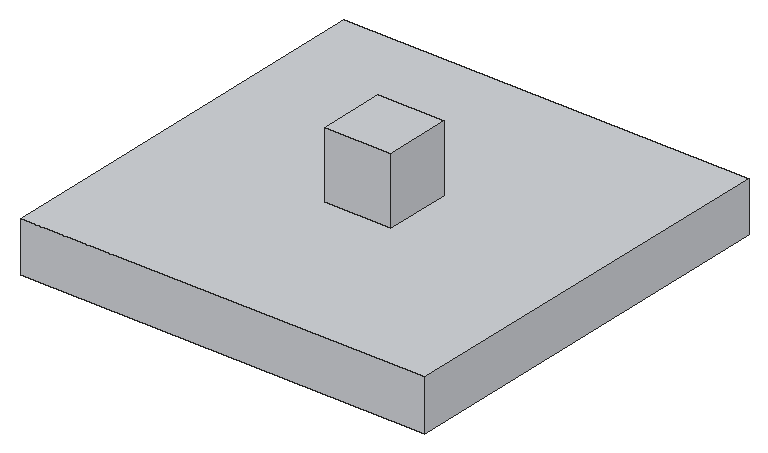
Revit family "盤", category 電気設備, Revit 2020
Family settings
  ホスト = 面
  パネル構成 = 二列表示、回路横
  丸型コネクタ寸法 = 直径を使用
  パーツ タイプ = 分電盤
  ロード時にボイドで切り取り = いいえ
  共有 = いいえ
  部屋計算ポイント = いいえ
Parameters
  長さ3 [instance] = 400 mm
  長さ2 [instance] = 400 mm
  長さ1 [instance] = 400 mm
  構造マテリアル [instance] = none
  Default Elevation = 1219.2 mm
Reference planes
  plane 1 "中心(正面/背面)": y = 0
  plane 2: z = 0
  plane 3 "中心(左/右)": x = 0
Forms (mm)
  Extrusion 1, solid
    sketch origin (0, 0, 0) x (1, 0, 0) y (0, 1, 0)
      loop
        line (-1219.2, 1219.2) -> (-1219.2, -1219.2) -> (1219.2, -1219.2) -> (1219.2, 1219.2) -> (-1219.2, 1219.2)
    from 0 to -304.8
  Extrusion 2, solid, material <- "構造マテリアル"
    sketch origin (0, 0, 0) x (1, 0, 0) y (0, 1, 0)
      loop
        line (-200, 200) -> (-200, -200) -> (200, -200) -> (200, 200) -> (-200, 200)
    from 0 to 400
Lines and regions (mm)
  reference lines
    curve 1: line (-200, -200, 0) -> (-200, 200, 0)
    curve 2: line (200, 200, 0) -> (200, -200, 0)
    curve 3: line (200, -200, 0) -> (-200, -200, 0)
    curve 4: line (-200, 200, 0) -> (200, 200, 0)
    curve 5: line (-480, 0, 0) -> (520, 0, 0)
    curve 6: line (-200, 0, 400) -> (200, 0, 400)
Dimensions and locks
  equal spacing: curve 4, plane 1 "中心(正面/背面)", curve 3
  equal spacing: curve 1, plane 3 "中心(左/右)", curve 2
  "長さ2": curve 4 to curve 3
  "長さ1": curve 1 to curve 2
  "長さ3": curve 6 to curve 5
  equal spacing: curve 6, plane 3 "中心(左/右)", curve 6
  equal spacing: curve 3, plane 3 "中心(左/右)", curve 3
  "長さ1": curve 6 to curve 6
  "長さ1": curve 3 to curve 3
  aligned and locked: plane 2 to Extrusion 1
  aligned and locked: level to Extrusion 1
  aligned and locked: Extrusion 2 to curve 1  (x3)
  aligned and locked: Extrusion 2 to curve 2
  aligned and locked: Extrusion 2 to curve 6
Automatic sketch dimensions
  Extrusion 1 sketch curve to Extrusion 1 sketch curve = 2438.4 mm  (x2)
  Extrusion 2 sketch curve to plane 3 "中心(左/右)" = 200 mm
  plane 3 "中心(左/右)" to Extrusion 2 sketch curve = 200 mm
  plane 1 "中心(正面/背面)" to Extrusion 2 sketch curve = 200 mm
  Extrusion 2 sketch curve to plane 1 "中心(正面/背面)" = 200 mm
  curve 5 to level = 0 mm
  curve 5 to plane 3 "中心(左/右)" = 480 mm
  curve 6 to curve 5 = 320 mm
